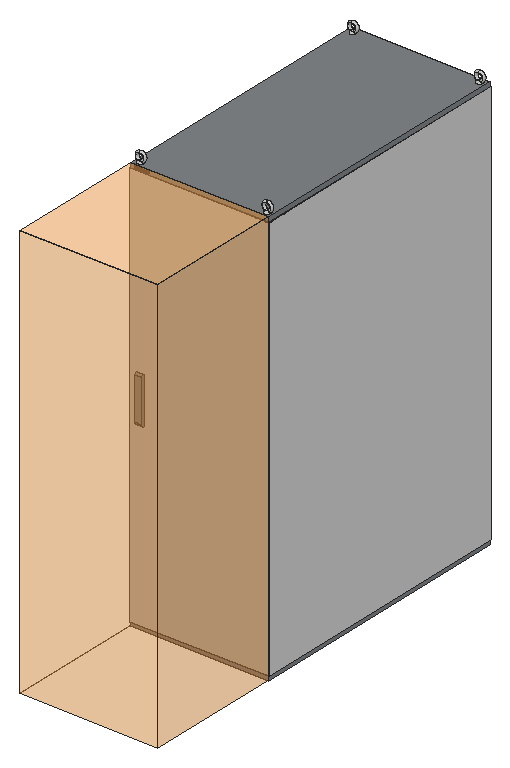
Revit family "НВО_ШкафНапольный_DKC", category Электрооборудование, Revit 2017
Family settings
  Конфигурация панели = Два столбца, слева направо
  Размер круглого соединителя = Использовать диаметр
  Тип детали = Щит
  Номер OmniClass = 23.80.30.11.17
  Заголовок OmniClass = Distribution Boards and Control Panels
  На основе рабочей плоскости = Нет
  Всегда вертикально = Да
  При загрузке вырезать с полостями = Нет
  Общий = Нет
  Точка расчета площади = Нет
Parameters (values of type "1200х600х1800 (ГхШхВ) мм")
  Описание = "Сборный шкаф CQE с дверью и задней панелью"  # constant formula
  Комментарии к типоразмеру = "1. Шкаф"  # constant formula
  Код по классификатору = "23.80.30.11.17"
  Изображение типоразмера = НВО_ШкафНапольный_DKC.png
  Изготовитель = "DKC"  # constant formula
  ETIM Article Class = "EC000261"  # constant formula
  DKC_Монтажная плата [instance] = yes
  DKC_Материал_Цоколь_фланцы = BIMLIB_СерыйRAL7011_DKC
  DKC_Материал_Цоколь_угловой элемент = BIMLIB_СерыйRAL7011_DKC
  DKC_Материал_Стойки = BIMLIB_СерыйRAL7035_DKC
  DKC_Материал_Рым-болты = BIMLIB_СерыйRAL7035_DKC
  DKC_Материал_Ручка = BIMLIB_СерыйRAL7011_DKC
  DKC_Материал_Лого = BIMLIB_СерыйRAL7035_DKC
  DKC_Материал_Крышка = BIMLIB_СерыйRAL7011_DKC
  DKC_Материал_Корпус = BIMLIB_СерыйRAL7035_DKC
  DKC_Материал_Монтажная плата = BIMLIB_СерыйRAL7035_DKC
  DKC_Материал_Дно = BIMLIB_СерыйRAL7011_DKC
  DKC_Материал_Боковые панели = BIMLIB_СерыйRAL7035_DKC
  DKC_Код комплектации [instance] = if(DKC_Боковые панели, 1, 0) * 100000000000 + if(DKC_Монтажная плата, 1, 0) * 10000000000 + if([DKC_Рым-болт], 1, 0) * 1000000000 + if(DKC_Цоколь = DKC_Цоколь100, 1, if(DKC_Цоколь = DKC_Цоколь200, 2, 0)) * 100000000 + if(DKC_Внешняя точка заземления, 1, 0) * 10000000 + if(DKC_Карман для документов, 1, 0) * 1000000 + if(DKC_Концевой выключатель, 1, 0) * 100000 + if(DKC_Ограничитель угла открывания двери до 90°, 1, 0) * 10000 + if(DKC_Петли на 180°, 1, 0) * 1000 + if(DKC_Сплошное дно, 1, 0) * 100 + if(DKC_Улучшенная ручка, 1, 0) * 10 + if(DKC_Уплотнитель для кабельного ввода, 1, 0)  # 111011111111
  DKC_Зона обслуживания [instance] = yes
  DKC_Цоколь200 = ⇾ : 200 мм
  DKC_Цоколь100 = ⇾ : 100 мм
  DKC_Цоколь [instance] = ⇾ : Нет цоколя
  DKC_Уплотнитель для кабельного ввода [instance] = yes
  DKC_Улучшенная ручка [instance] = yes
  DKC_Сплошное дно [instance] = yes
  DKC_Рым-болт [instance] = yes
  DKC_Петли на 180° [instance] = yes
  DKC_Ограничитель угла открывания двери до 90° [instance] = yes
  DKC_Концевой выключатель [instance] = yes
  DKC_Карман для документов [instance] = yes
  DKC_Внешняя точка заземления [instance] = yes
  DKC_Видимость двери [instance] = yes
  DKC_Боковые панели [instance] = yes
  DKC_Глубина сервисной зоны = ADSK_Размер_Ширина  # 600 mm
  DKC_Высота цоколя [instance] = if(DKC_Цоколь = DKC_Цоколь100, 100 mm, if(DKC_Цоколь = DKC_Цоколь200, 200 mm, 0 mm))  # 0 mm
  URL = "https://www.dkc.ru/ru/"
  IfcExportType = "DISTRIBUTIONBOARD"  # constant formula
  IfcExportAs = "IfcElectricDistributionBoard"  # constant formula
  DKC_Цвет (корпус) = "RAL 7035"  # constant formula
  DKC_Цвет (дно/крышка) = "RAL 7011"  # constant formula
  DKC_Несущая способность = "1000 кг"  # constant formula
  DKC_Максимальный ток = 6300 A  # constant formula
  DKC_Киматическое исполнение = "УХЛ1"  # constant formula
  DKC_IK = "10"  # constant formula
  BL_Разработано = "support@bimlib.ru"  # constant formula
  BL_Email = "support@dkc.ru"
  BL_BIM library = "https://bimlib.ru/manufacturer/company/14890"
  ADSK_Размер_Ширина = 600 mm
  ADSK_Размер_Глубина = 1200 mm
  ADSK_Размер_Высота = 1800 mm
  ADSK_Обозначение = "ГОСТ Р 32127"  # constant formula
  ADSK_Напряжение = 1000 V  # constant formula
  ADSK_Наименование = "Сборный шкаф CQE с дверью и задней панелью 1200х600х1800мм (ГхШхВ)"
  ADSK_Масса = 76.5
  ADSK_Код изделия = "R5CQE18612"
  ADSK_Завод-изготовитель = "DKC"  # constant formula
  ADSK_Единица измерения = "шт."  # constant formula
  ADSK_Группирование = ADSK_Наименование  # "Сборный шкаф CQE с дверью и задней панелью 1200х600х1800мм (ГхШхВ)"
  ADSK_Версия семейства = "1.0"  # constant formula
  ADSK_Версия Revit = "2017"  # constant formula
  ADSK_URL страницы изделия = "https://www.dkc.ru/ru/catalog/163/"
  ADSK_URL документации изделия = "https://www.dkc.ru/ru/catalog/163/"
Reference planes
  plane 1 "По центру (Вперед/Назад)": y = 0
  plane 2: z = 0
  plane 3 "По центру (Влево/Вправо)": x = 0
  plane 4: y = -1200
  plane 5: x = -300
  plane 6: x = 300
  plane 7 "Верх": z = 1800
  plane 8: z = 0
  plane 9: y = -1800
  plane 10: y = -1100
Forms (mm)
  Extrusion 1, solid, material "BIMLIB_СерыйRAL7035_DKC" <- "DKC_Материал_Корпус", detail levels coarse
    sketch origin (0, 0, 0) x (1, 0, 0) y (0, 1, 0)
      loop
        line (300, 0) -> (-300, 0) -> (-300, -1200) -> (300, -1200) -> (300, 0)
    from 0 to 1800
  Extrusion 2, solid, material "BIMLIB_Зона обслуживания_DKC", visible <- "DKC_Зона обслуживания"
    sketch origin (475.654, -793.939, 0) x (1, 0, 0) y (0, 1, 0)
      loop
        line (-775.654, -1006.061) -> (-175.654, -1006.061) -> (-175.654, -406.061) -> (-775.654, -406.061) -> (-775.654, -1006.061)
    from 0 to 1800
Lines and regions (mm)
  symbolic lines, detail levels coarse
    curve 1: line (300, 0, 0) -> (-300, 0, 0)
    curve 2: line (-300, 0, 0) -> (-300, -1200, 0)
    curve 3: line (300, -1200, 0) -> (-300, -1200, 0)
    curve 4: line (-300, -1100, 0) -> (300, -1100, 0)
    curve 5: line (300, -1200, 0) -> (300, 0, 0)
Dimensions and locks
  "ADSK_Размер_Глубина": plane 4 to plane 1 "По центру (Вперед/Назад)"
  equal spacing: plane 5, plane 3 "По центру (Влево/Вправо)", plane 6
  "ADSK_Размер_Ширина": plane 5 to plane 6
  "ADSK_Размер_Высота": plane 7 "Верх" to plane 8
  "DKC_Высота цоколя": plane 8 to level
  "DKC_Глубина сервисной зоны": plane 4 to plane 9
  locked: plane 10 to plane 4 at 100
  aligned and locked: level to plane 2
  aligned and locked: Extrusion 1 sketch curve to plane 1 "По центру (Вперед/Назад)"
  aligned and locked: Extrusion 1 sketch curve to plane 5
  aligned and locked: Extrusion 1 sketch curve to plane 4
  aligned and locked: Extrusion 1 sketch curve to plane 6
  aligned and locked: plane 7 "Верх" to Extrusion 1
  aligned and locked: plane 3 "По центру (Влево/Вправо)" to nested 10
  aligned and locked: plane 8 to nested 10
  aligned and locked: plane 1 "По центру (Вперед/Назад)" to nested 11
  aligned and locked: nested 11 to plane 5
  aligned and locked: nested 11 to plane 6
  aligned and locked: nested 11 to plane 4
  aligned and locked: plane 4 to Extrusion 2
  aligned and locked: plane 5 to Extrusion 2
  aligned and locked: Extrusion 2 to plane 6
  aligned and locked: Extrusion 2 to plane 9
  aligned and locked: plane 7 "Верх" to Extrusion 2
  aligned and locked: plane 3 "По центру (Влево/Вправо)" to nested 12
  aligned and locked: plane 1 "По центру (Вперед/Назад)" to nested 12
  aligned and locked: plane 1 "По центру (Вперед/Назад)" to nested 10
  aligned and locked: plane 1 "По центру (Вперед/Назад)" to nested 13
  aligned and locked: plane 3 "По центру (Влево/Вправо)" to nested 13
  aligned and locked: nested 13 to plane 8
  aligned and locked: curve 1 to plane 1 "По центру (Вперед/Назад)"
  aligned and locked: curve 2 to plane 5
  aligned and locked: curve 3 to Extrusion 2
  aligned and locked: curve 4 to plane 10
  aligned and locked: curve 5 to plane 6
  aligned and locked: nested 12 to plane 8
Automatic sketch dimensions
  Extrusion 2 sketch curve to plane 3 "По центру (Влево/Вправо)" = 300 mm
  Extrusion 2 sketch curve to plane 6 = 0 mm
  Extrusion 2 sketch curve to plane 4 = 600 mm
  Extrusion 2 sketch curve to plane 4 = 0 mm
  curve 3 to plane 4 = 0 mm
Nested families
  nested 1: "DKC_Сплошное дно" at (0, 0, 0), visible <- "DKC_Сплошное дно", ADSK_Размер_Глубина <- "ADSK_Размер_Глубина", ADSK_Размер_Ширина <- "ADSK_Размер_Ширина", ADSK_Группирование <- "ADSK_Группирование", DKC_Код комплектации <- "DKC_Код комплектации", type "DKC_Сплошное дно"
    with DKC_Код комплектации 111011111111, ADSK_Размер_Ширина 600 mm, ADSK_Размер_Глубина 1200 mm, ADSK_Наименование "Элемент повышения IP 55/65 (Сплошное дно)", ADSK_Масса 0, ADSK_Код изделия "Такого артикула нет", ADSK_Группирование "Сборный шкаф CQE с дверью и задней панелью 1200х600х1800мм (ГхШхВ)"
  nested 2: "DKC_Ограничитель угла открывания двери до 90" at (0, 0, 0), visible <- "DKC_Ограничитель угла открывания двери до 90°", ADSK_Группирование <- "ADSK_Группирование", DKC_Код комплектации <- "DKC_Код комплектации", type "DKC_Ограничитель угла открывания двери"
    with DKC_Код комплектации 111011111111, ADSK_Код изделия "R5A31", ADSK_Группирование "Сборный шкаф CQE с дверью и задней панелью 1200х600х1800мм (ГхШхВ)"
  nested 3: "DKC_Петли на 180" at (0, 0, 0), visible <- "DKC_Петли на 180°", ADSK_Группирование <- "ADSK_Группирование", DKC_Код комплектации <- "DKC_Код комплектации", type "DKC_Петли на 180"
    with DKC_Код комплектации 111011111111, ADSK_Код изделия "R5CE248", ADSK_Группирование "Сборный шкаф CQE с дверью и задней панелью 1200х600х1800мм (ГхШхВ)"
  nested 4: "DKC_Улучшенная ручка" at (0, 0, 0), visible <- "DKC_Улучшенная ручка", ADSK_Группирование <- "ADSK_Группирование", DKC_Код комплектации <- "DKC_Код комплектации", type "DKC_Улучшенная ручка"
    with DKC_Код комплектации 111011111111, ADSK_Код изделия "R5CE270", ADSK_Группирование "Сборный шкаф CQE с дверью и задней панелью 1200х600х1800мм (ГхШхВ)"
  nested 5: "DKC_Внешняя точка заземления" at (0, 0, 0), visible <- "DKC_Внешняя точка заземления", ADSK_Группирование <- "ADSK_Группирование", DKC_Код комплектации <- "DKC_Код комплектации", type "DKC_Внешняя точка заземления"
    with DKC_Код комплектации 111011111111, ADSK_Код изделия "R5EP01", ADSK_Группирование "Сборный шкаф CQE с дверью и задней панелью 1200х600х1800мм (ГхШхВ)"
  nested 6: "DKC_Уплотнитель для кабельного ввода" at (0, 0, 0), ADSK_Размер_Ширина <- "ADSK_Размер_Ширина", visible <- "DKC_Уплотнитель для кабельного ввода", ADSK_Группирование <- "ADSK_Группирование", DKC_Код комплектации <- "DKC_Код комплектации", type "DKC_Уплотнитель для кабельного ввода"
    with DKC_Код комплектации 111011111111, ADSK_Размер_Ширина 600 mm, ADSK_Масса 0.032, ADSK_Код изделия "R5FPC600", ADSK_Группирование "Сборный шкаф CQE с дверью и задней панелью 1200х600х1800мм (ГхШхВ)"
  nested 7: "DKC_Карман для документов" at (0, 0, 0), visible <- "DKC_Карман для документов", ADSK_Группирование <- "ADSK_Группирование", DKC_Код комплектации <- "DKC_Код комплектации", type "DKC_Карман для документов"
    with DKC_Код комплектации 111011111111, ADSK_Код изделия "R5A32", ADSK_Группирование "Сборный шкаф CQE с дверью и задней панелью 1200х600х1800мм (ГхШхВ)"
  nested 8: "DKC_Рым-болт" at (0, 0, 1800), visible <- "DKC_Рым-болт", ADSK_Группирование <- "ADSK_Группирование", Глубина <- "ADSK_Размер_Глубина", Ширина <- "ADSK_Размер_Ширина", Материал <- "DKC_Материал_Рым-болты", DKC_Код комплектации <- "DKC_Код комплектации", type "DKC_Рым-болт", detail levels fine
    with Ширина 600 mm, Материал BIMLIB_СерыйRAL7035_DKC, Глубина 1200 mm, DKC_Код комплектации 111011111111, ADSK_Примечание "Комплект поставки из 4 штук", ADSK_Код изделия "R5A33", ADSK_Группирование "Сборный шкаф CQE с дверью и задней панелью 1200х600х1800мм (ГхШхВ)"
  nested 9: "DKC_Концевой выключатель" at (0, 0, 0), visible <- "DKC_Концевой выключатель", ADSK_Группирование <- "ADSK_Группирование", DKC_Код комплектации <- "DKC_Код комплектации", type "DKC_Концевой выключатель"
    with DKC_Код комплектации 111011111111, ADSK_Код изделия "R5MC01", ADSK_Группирование "Сборный шкаф CQE с дверью и задней панелью 1200х600х1800мм (ГхШхВ)"
  nested 10: "DKC_Комплект шкафа" at (0, 0, 0), Высота шкафа <- "ADSK_Размер_Высота", Глубина шкафа <- "ADSK_Размер_Глубина", Ширина шкафа <- "ADSK_Размер_Ширина", Видимость двери <- "DKC_Видимость двери", Материал_корпус дна <- "DKC_Материал_Дно", Материал_панели <- "DKC_Материал_Корпус", Материал_ручка <- "DKC_Материал_Ручка", Материал_стойки <- "DKC_Материал_Стойки", Материал_дно <- "DKC_Материал_Дно", Материал_крышка <- "DKC_Материал_Крышка", Материал_лого <- "DKC_Материал_Лого", type "DKC_Комплект шкафа", detail levels medium+fine
    with Ширина шкафа 600 mm, Материал_стойки BIMLIB_СерыйRAL7035_DKC, Материал_ручка BIMLIB_СерыйRAL7011_DKC, Материал_панели BIMLIB_СерыйRAL7035_DKC, Материал_лого BIMLIB_СерыйRAL7035_DKC, Материал_крышка BIMLIB_СерыйRAL7011_DKC, Материал_корпус дна BIMLIB_СерыйRAL7011_DKC, Материал_дно BIMLIB_СерыйRAL7011_DKC, Глубина шкафа 1200 mm, Высота шкафа 1800 mm, Высота стоек 1660 mm, Видимость двери yes
  nested 11: "⇾" at (0, 0, 0), type <- "DKC_Цоколь", Материал_угловой элемент <- "DKC_Материал_Цоколь_угловой элемент", Материал_фланцы <- "DKC_Материал_Цоколь_фланцы", DKC_Код комплектации <- "DKC_Код комплектации", ADSK_Группирование <- "ADSK_Группирование", type "Нет цоколя", detail levels medium+fine
    with Ширина шкафа 600 mm, Материал_фланцы BIMLIB_СерыйRAL7011_DKC, Материал_угловой элемент BIMLIB_СерыйRAL7011_DKC, Глубина шкафа 1200 mm, DKC_Код комплектации 111011111111, ADSK_Группирование "Сборный шкаф CQE с дверью и задней панелью 1200х600х1800мм (ГхШхВ)"
  nested 12: "DKC_Боковые панели" at (0, 0, 0), visible <- "DKC_Боковые панели", ADSK_Размер_Высота <- "ADSK_Размер_Высота", ADSK_Размер_Глубина <- "ADSK_Размер_Глубина", ADSK_Размер_Ширина <- "ADSK_Размер_Ширина", Материал <- "DKC_Материал_Боковые панели", ADSK_Группирование <- "ADSK_Группирование", DKC_Код комплектации <- "DKC_Код комплектации", type "DKC_Боковые панели", detail levels medium+fine
    with Материал BIMLIB_СерыйRAL7035_DKC, DKC_Код комплектации 111011111111, ADSK_Размер_Ширина 600 mm, ADSK_Размер_Глубина 1200 mm, ADSK_Размер_Высота 1800 mm, ADSK_Наименование "Боковые панели 1200х1800мм (ГхВ)", ADSK_Масса 49, ADSK_Код изделия "R5LE18122", ADSK_Группирование "Сборный шкаф CQE с дверью и задней панелью 1200х600х1800мм (ГхШхВ)"
  nested 13: "DKC_Монтажная плата" at (0, 0, 0), ADSK_Размер_Высота <- "ADSK_Размер_Высота", ADSK_Размер_Глубина <- "ADSK_Размер_Глубина", ADSK_Размер_Ширина <- "ADSK_Размер_Ширина", visible <- "DKC_Монтажная плата", Материал <- "DKC_Материал_Монтажная плата", ADSK_Группирование <- "ADSK_Группирование", DKC_Код комплектации <- "DKC_Код комплектации", type "DKC_Монтажная плата", detail levels medium+fine
    with Материал BIMLIB_СерыйRAL7035_DKC, DKC_Код комплектации 111011111111, ADSK_Размер_Ширина 600 mm, ADSK_Размер_Глубина 1200 mm, ADSK_Размер_Высота 1800 mm, ADSK_Наименование "Монтажная плата 600х1800мм (ШхВ)", ADSK_Масса 18, ADSK_Код изделия "R5PCE1860", ADSK_Группирование "Сборный шкаф CQE с дверью и задней панелью 1200х600х1800мм (ГхШхВ)"
Definition of nested family "DKC_Рым-болт"
  Parameters (values of type "DKC_Рым-болт")
    Ширина [instance] = 1280 mm
    Default Elevation = 1219.2 mm
    Description = "Рым-болт"  # constant formula
    Материал [instance] = none
    Type Comments = "2. Комплектующие"  # constant formula
    Manufacturer = "DKC"  # constant formula
    Глубина [instance] = 562.597 mm
    URL = "https://www.dkc.ru/ru/"
    IfcExportType = "DISTRIBUTIONBOARD"  # constant formula
    IfcExportAs = "IfcElectricDistributionBoard"  # constant formula
    DKC_Код комплектации [instance] = 0
    BL_Разработано = "support@bimlib.ru"  # constant formula
    BL_Email = ""
    BL_BIM library = "https://bimlib.ru/manufacturer/company/14890"
    ADSK_Примечание [instance] = "Комплект поставки из 4 штук"
    ADSK_Обозначение = "ГОСТ Р 32127"  # constant formula
    ADSK_Наименование = "Комплект рым-болтов"  # constant formula
    ADSK_Масса = 0.72  # constant formula
    ADSK_Код изделия [instance] = "R5A33"  # constant formula
    ADSK_Завод-изготовитель = "DKC"  # constant formula
    ADSK_Единица измерения = "шт."  # constant formula
    ADSK_Группирование [instance] = "Электрические шкафы"
    ADSK_Версия семейства = "1.0"  # constant formula
    ADSK_Версия Revit = "2017"  # constant formula
    ADSK_URL страницы изделия = ""
    ADSK_URL документации изделия = ""
  Reference planes
    plane 1 "По центру (Вперед/Назад)": y = 0
    plane 2: z = 0
    plane 3 "По центру (Влево/Вправо)": x = 0
    plane 4: x = -640
    plane 5: y = -562.597
    plane 6: x = 640
    plane 7: x = 615
    plane 8: y = -537.597
    plane 9: y = -25
    plane 10: x = -615
  Dimensions and locks
    equal spacing: plane 4, plane 3 "По центру (Влево/Вправо)", plane 6
    "Глубина": plane 5 to plane 1 "По центру (Вперед/Назад)"
    "Ширина": plane 4 to plane 6
    locked: plane 1 "По центру (Вперед/Назад)" to plane 9 at 25
    locked: plane 4 to plane 10 at 25
    locked: plane 8 to plane 5 at 25
    locked: plane 7 to plane 6 at 25
    aligned and locked: level to plane 2
    aligned and locked: nested 1 to plane 7
    aligned and locked: nested 1 to plane 9
    aligned and locked: plane 10 to nested 4
    aligned and locked: plane 10 to nested 3
    aligned and locked: nested 4 to plane 9
    aligned and locked: nested 3 to plane 8
    aligned and locked: nested 2 to plane 7
    aligned and locked: nested 2 to plane 8
  Nested families
    nested 1: "DKC_Рым-болт графика" at (615, -25, 0), Материал <- "Материал", type "DKC_Рым-болт графика"
    nested 2: "DKC_Рым-болт графика" at (615, -537.597, 0), Материал <- "Материал", type "DKC_Рым-болт графика"
    nested 3: "DKC_Рым-болт графика" at (-615, -537.597, 0), Материал <- "Материал", type "DKC_Рым-болт графика"
    nested 4: "DKC_Рым-болт графика" at (-615, -25, 0), Материал <- "Материал", type "DKC_Рым-болт графика"
  Definition of nested family "DKC_Рым-болт графика"
    Parameters (values of type "DKC_Рым-болт графика")
      Default Elevation = 1219.2 mm
      Материал [instance] = none
    Reference planes
      plane 1 "По центру (Вперед/Назад)": y = 0
      plane 2: z = 0
      plane 3 "По центру (Влево/Вправо)": x = 0
      plane 4: z = 45
      plane 5: z = 22.5
    Forms (mm)
      Revolve 1, solid, material <- "Материал"
        sketch origin (0, 0, 0) x (0, 1, 0) y (0, 0, 1)
          loop
            circle (0, 40) r 5
          axis (5, 22.5) -> (-5, 22.5)
        angle from 0 to 360
      Revolve 2, solid, material <- "Материал"
        sketch origin (0, 0, 0) x (1, 0, 0) y (0, 0, 1)
          loop
            line (0, 0) -> (12.5, 0) -> (8.859, 7.808) -> (2.984, 10.182) -> (0, 10.182) -> (0, 0)
          axis (0, 10.182) -> (0, 0)
        angle from 0 to 360
    Cuts and joins
      joined: Revolve 1, Revolve 2
    Dimensions and locks
      equal spacing: plane 4, plane 5, level
      aligned and locked: level to plane 2
    Automatic sketch dimensions
      Revolve 1 sketch curve to plane 5 = 0 mm
      Revolve 1 sketch curve to plane 1 "По центру (Вперед/Назад)" = 0 mm
      Revolve 1 sketch curve to plane 4 = 5 mm
      plane 1 "По центру (Вперед/Назад)" to Revolve 1 sketch curve = 45 mm
      Revolve 1 sketch curve to plane 1 "По центру (Вперед/Назад)" = 40 mm
      Revolve 2 sketch curve to plane 3 "По центру (Влево/Вправо)" = 0 mm  (x2)
      Revolve 2 sketch curve to level = 0 mm
      plane 3 "По центру (Влево/Вправо)" to Revolve 2 sketch curve = 8.859 mm
      Revolve 2 sketch curve to Revolve 2 sketch curve = 3.641 mm
      level to Revolve 2 sketch curve = 7.808 mm
      Revolve 2 sketch curve to Revolve 2 sketch curve = 2.984 mm
      Revolve 2 sketch curve to level = 16.094 mm
      Revolve 2 sketch curve to Revolve 2 sketch curve = 2.374 mm
      plane 5 to Revolve 2 sketch curve = 3.025 mm
      radius of Revolve 1 sketch curve = 5 mm
Definition of nested family "DKC_Комплект шкафа"
  Parameters (values of type "DKC_Комплект шкафа")
    Ширина шкафа [instance] = 1000 mm
    Материал_стойки [instance] = none
    Материал_ручка [instance] = none
    Материал_панели [instance] = none
    Материал_лого [instance] = none
    Материал_крышка [instance] = none
    Материал_корпус дна [instance] = none
    Материал_дно [instance] = none
    Глубина шкафа [instance] = 400 mm
    Высота шкафа [instance] = 1800 mm
    Высота стоек [instance] = Высота шкафа - 140 mm  # 1660 mm
    Видимость двери [instance] = yes
  Reference planes
    plane 1 "По центру (Вперед/Назад)": y = 0
    plane 2: z = 0
    plane 3 "По центру (Влево/Вправо)": x = 0
    plane 4: x = -500
    plane 5: x = 500
    plane 6 "шкаф перед": y = -400
    plane 7: z = 70
    plane 8: z = 1730
    plane 9: z = 1800
    plane 10 "Верхний": z = 1780
    plane 11: y = 2
    plane 12 "Дверь": y = -402
    plane 13: z = 900
    plane 14: x = -470
    plane 15: z = 1000
    plane 16: z = 800
    plane 17: y = -412
    plane 18: x = -440
    plane 19: z = 1790
    plane 20: x = -450
    plane 21: z = 20
  Forms (mm)
    Extrusion 1, solid, material <- "Материал_дно"
      sketch origin (0, 0, 0) x (1, 0, 0) y (0, 1, 0)
        loop
          line (-500, 0) -> (-500, -400) -> (500, -400) -> (500, 0) -> (-500, 0)
      from 0 to 20
    Sweep 2, solid, material <- "Материал_корпус дна"
      path origin (0, 0, 0) x (1, 0, 0) y (0, 1, 0)
        loop
          line (500, 0) -> (-500, 0) -> (-500, -400) -> (500, -400) -> (500, 0)
      profile origin (0, 0, 0) x (0, -1, 0) y (0, 0, 1)
        loop
          line (2, 20) -> (52, 20) -> (52, 25) -> (32, 25) -> (32, 50) -> (7, 50) -> (7, 70) -> (2, 70) -> (2, 20)
    Extrusion 3, solid, material <- "Материал_крышка"
      sketch origin (0, 0, 0) x (1, 0, 0) y (0, 1, 0)
        loop
          line (-500, 0) -> (-500, -400) -> (500, -400) -> (500, 0) -> (-500, 0)
      from 1780 to 1800
    Sweep 4, solid, material <- "Материал_корпус дна"
      path origin (0, 0, 1780) x (-1, 0, 0) y (0, -1, 0)
        loop
          line (500, 0) -> (500, 400) -> (-500, 400) -> (-500, 0) -> (500, 0)
      profile origin (-500, -200, 1780) x (1, 0, 0) y (0, 0, 1)
        loop
          line (2, 0) -> (2, -50) -> (7, -50) -> (7, -25) -> (27, -25) -> (27, -5) -> (52, -5) -> (52, 0) -> (2, 0)
    Extrusion 5, solid, material <- "Материал_панели"
      sketch origin (0, 0, 0) x (1, 0, 0) y (0, 0, 1)
        loop
          line (-500, 1780) -> (-500, 20) -> (500, 20) -> (500, 1780) -> (-500, 1780)
      from -2 to 0
    Extrusion 6, solid, material <- "Материал_панели", visible <- "Видимость двери"
      sketch origin (0, 0, 0) x (1, 0, 0) y (0, 0, 1)
        loop
          line (-500, 1780) -> (-500, 20) -> (500, 20) -> (500, 1780) -> (-500, 1780)
      from 400 to 402
    Extrusion 7, solid, material <- "Материал_ручка", visible <- "Видимость двери", detail levels fine
      sketch origin (0, 0, 0) x (0, 1, 0) y (0, 0, 1)
        loop
          arc (-404, 1000) -> (-409.657, 997.657) -> (-412, 992) r 8
          line (-412, 992) -> (-412, 808)
          arc (-412, 808) -> (-409.657, 802.343) -> (-404, 800) r 8
          line (-404, 800) -> (-402, 800) -> (-402, 1000) -> (-404, 1000)
      from -470 to -440
  Dimensions and locks
    equal spacing: plane 4, plane 3 "По центру (Влево/Вправо)", plane 5
    "Глубина шкафа": plane 6 "шкаф перед" to plane 1 "По центру (Вперед/Назад)"
    "Ширина шкафа": plane 4 to plane 5
    locked: plane 7 to level at 70
    locked: plane 9 to plane 8 at 70
    "Высота шкафа": plane 9 to level
    locked: plane 9 to plane 10 "Верхний" at 20
    locked: plane 11 to plane 1 "По центру (Вперед/Назад)" at 2
    locked: plane 6 "шкаф перед" to plane 12 "Дверь" at 2
    equal spacing: plane 9, plane 13, level
    plane 15 to plane 13 to plane 16 = 100 mm locked, 100 mm locked
    plane 17 to plane 12 "Дверь" = 10 mm
    locked: plane 14 to plane 18 at 30
    equal spacing: plane 9, plane 19, plane 10 "Верхний"
    locked: plane 20 to plane 4 at 50
    locked: plane 21 to level at 20
    locked: plane 14 to plane 4 at 30
    locked: profile plane to Sweep 4 sketch curve at 2
    nested 2 to profile plane = 4 mm
    locked: plane 4 to nested 1 at 2
    locked: nested 1 to plane 1 "По центру (Вперед/Назад)" at 2
    locked: nested 3 to plane 6 "шкаф перед" at 2
    locked: plane 4 to nested 3 at 2
    locked: nested 4 to plane 5 at 2
    locked: nested 4 to plane 6 "шкаф перед" at 2
    locked: nested 2 to plane 1 "По центру (Вперед/Назад)" at 2
    locked: nested 2 to plane 5 at 2
    aligned and locked: level to plane 2
    aligned and locked: nested 3 to plane 7
    aligned and locked: nested 1 to plane 7
    aligned and locked: nested 4 to plane 7
    aligned and locked: nested 2 to plane 7
    aligned and locked: plane 4 to Extrusion 1 sketch curve
    aligned and locked: plane 1 "По центру (Вперед/Назад)" to Extrusion 1 sketch curve
    aligned and locked: plane 5 to Extrusion 1 sketch curve
    aligned and locked: plane 6 "шкаф перед" to Extrusion 1 sketch curve
    aligned and locked: Sweep 2 sketch curve to plane 1 "По центру (Вперед/Назад)"
    aligned and locked: Sweep 2 sketch curve to plane 6 "шкаф перед"
    aligned and locked: Sweep 2 sketch curve to plane 5
    aligned and locked: Sweep 2 sketch curve to plane 4
    aligned and locked: plane 5 to Extrusion 3 sketch curve
    aligned and locked: plane 4 to Extrusion 3 sketch curve
    aligned and locked: plane 1 "По центру (Вперед/Назад)" to Extrusion 3 sketch curve
    aligned and locked: plane 6 "шкаф перед" to Extrusion 3 sketch curve
    aligned and locked: plane 9 to Extrusion 3
    aligned and locked: Extrusion 3 to plane 10 "Верхний"
    aligned and locked: Sweep 4 sketch curve to plane 4
    aligned and locked: Sweep 4 sketch curve to plane 5
    aligned and locked: Sweep 4 sketch curve to plane 1 "По центру (Вперед/Назад)"
    aligned and locked: Sweep 4 sketch curve to plane 6 "шкаф перед"
    aligned and locked: Extrusion 5 sketch curve to plane 5
    aligned and locked: Extrusion 5 sketch curve to plane 4
    aligned and locked: plane 1 "По центру (Вперед/Назад)" to Extrusion 5
    aligned and locked: plane 11 to Extrusion 5
    aligned and locked: Extrusion 6 sketch curve to plane 5
    aligned and locked: Extrusion 6 sketch curve to plane 4
    aligned and locked: plane 6 "шкаф перед" to Extrusion 6
    aligned and locked: Extrusion 6 to plane 12 "Дверь"
    aligned and locked: Extrusion 7 sketch curve to plane 15
    aligned and locked: Extrusion 7 sketch curve to plane 17
    aligned and locked: Extrusion 7 sketch curve to plane 12 "Дверь"
    aligned and locked: Extrusion 7 sketch curve to plane 16
    aligned and locked: Extrusion 7 to plane 18
    aligned and locked: plane 14 to Extrusion 7
    aligned and locked: nested 5 to plane 19
    aligned and locked: plane 20 to nested 5
    aligned and locked: Extrusion 6 sketch curve to plane 10 "Верхний"
    aligned and locked: Extrusion 6 sketch curve to plane 21
    aligned and locked: plane 10 "Верхний" to Extrusion 5 sketch curve
    aligned and locked: plane 21 to Extrusion 5 sketch curve
  Automatic sketch dimensions
    Sweep 2 sketch curve to profile plane = 2 mm
    Sweep 2 sketch curve to Sweep 2 sketch curve = 5 mm  (x2)
    Sweep 2 sketch curve to profile plane = 32 mm
    Sweep 2 sketch curve to Sweep 2 sketch curve = 20 mm  (x2)
    level to Sweep 2 sketch curve = 20 mm
    Sweep 2 sketch curve to Sweep 2 sketch curve = 25 mm
    Sweep 4 sketch curve to plane 10 "Верхний" = 0 mm
    Sweep 4 sketch curve to profile plane = 7 mm
    Sweep 4 sketch curve to Sweep 4 sketch curve = 20 mm  (x2)
    Sweep 4 sketch curve to Sweep 4 sketch curve = 25 mm  (x2)
    Sweep 4 sketch curve to plane 10 "Верхний" = 5 mm
    Extrusion 7 sketch curve to plane 12 "Дверь" = 2 mm  (x2)
  Nested families
    nested 1: "DKC_Стойка" at (-460.5, -2, 70), Высота стойки <- "Высота стоек", Материал <- "Материал_стойки", type "DKC_Стойка"
      with Высота стойки 1660 mm
    nested 2: "DKC_Стойка" at (460.5, -2, 70), Высота стойки <- "Высота стоек", Материал <- "Материал_стойки", type "DKC_Стойка"
      with Высота стойки 1660 mm
    nested 3: "DKC_Стойка" at (-460.5, -398, 70) x (-1, 0, 0) z (0, 0, 1), Высота стойки <- "Высота стоек", Материал <- "Материал_стойки", type "DKC_Стойка"
      with Высота стойки 1660 mm
    nested 4: "DKC_Стойка" at (460.5, -398, 70) x (-1, 0, 0) z (0, 0, 1), Высота стойки <- "Высота стоек", Материал <- "Материал_стойки", type "DKC_Стойка"
      with Высота стойки 1660 mm
    nested 5: "DKC_Лого" at (-450, -400, 1790) x (1, 0, 0) z (0, -1, 0), Материал_лого <- "Материал_лого", type "DKC_Лого", detail levels medium+fine
      with Материал_лого none
  Definition of nested family "DKC_Стойка"
    Parameters (values of type "DKC_Стойка")
      Материал [instance] = none
      Высота стойки [instance] = 600 mm
    Reference planes
      plane 1 "По центру (Вперед/Назад)": y = 0
      plane 2: z = 0
      plane 3 "По центру (Влево/Вправо)": x = 0
      plane 4: x = -37.5
      plane 5: x = 37.5
      plane 6: y = -25
    Forms (mm)
      Extrusion 1, solid, material <- "Материал"
        sketch origin (0, 0, 0) x (1, 0, 0) y (0, 1, 0)
          loop
            line (37.5, 0) -> (-37.5, 0) -> (-37.5, -25) -> (-35.5, -25) -> (-35.5, -2) -> (35.5, -2) -> (35.5, -25) -> (37.5, -25) -> (37.5, 0)
        from 0 to 600 <- "Высота стойки"
    Dimensions and locks
      plane 6 to plane 1 "По центру (Вперед/Назад)" = 25 mm
      equal spacing: plane 4, plane 3 "По центру (Влево/Вправо)", plane 5
      plane 4 to plane 5 = 75 mm
      aligned and locked: level to plane 2
      aligned and locked: Extrusion 1 sketch curve to plane 1 "По центру (Вперед/Назад)"
      aligned and locked: Extrusion 1 sketch curve to plane 4
      aligned and locked: Extrusion 1 sketch curve to plane 5
      aligned and locked: Extrusion 1 sketch curve to plane 6  (x2)
    Automatic sketch dimensions
      Extrusion 1 sketch curve to plane 5 = 2 mm
      plane 1 "По центру (Вперед/Назад)" to Extrusion 1 sketch curve = 2 mm
      plane 4 to Extrusion 1 sketch curve = 2 mm
  Definition of nested family "DKC_Лого"
    Parameters (values of type "DKC_Лого")
      Default Elevation = 1219.2 mm
      Материал_лого [instance] = none
      Height = 0 mm
    Reference planes
      plane 1 "По центру (Вперед/Назад)": y = 0
      plane 2: z = 0
      plane 3 "По центру (Влево/Вправо)": x = 0
    Forms (mm)
      Extrusion 1, solid, material <- "Материал_лого"
        sketch origin (309.401, 206.448, 0) x (1, 0, 0) y (0, 1, 0)
          loop
            line (-319.837, -201.701) -> (-319.837, -211.196) -> (-312.161, -211.196)
            arc (-312.161, -211.196) -> (-310.386, -211.027) -> (-308.675, -210.525) r 9.385
            arc (-308.675, -210.525) -> (-306.575, -208.915) -> (-305.62, -206.448) r 4.896
            arc (-305.62, -206.448) -> (-306.575, -203.982) -> (-308.675, -202.372) r 4.896
            arc (-308.675, -202.372) -> (-310.386, -201.87) -> (-312.161, -201.701) r 9.385
            line (-312.161, -201.701) -> (-319.837, -201.701)
          loop
            line (-300.425, -201.701) -> (-303.786, -201.701) -> (-303.786, -211.196) -> (-300.392, -211.196) -> (-300.392, -207.208) -> (-295.845, -211.196) -> (-291.713, -211.196) -> (-297.574, -205.91) -> (-291.844, -201.701) -> (-294.402, -201.701) -> (-300.425, -206.161) -> (-300.425, -201.701)
          loop
            line (-316.267, -209.879) -> (-313.707, -209.879)
            arc (-313.707, -209.879) -> (-312.15, -209.72) -> (-310.657, -209.251) r 7.718
            arc (-310.657, -209.251) -> (-309.929, -208.694) -> (-309.552, -207.858) r 1.875
            arc (-309.552, -207.858) -> (-309.452, -207.156) -> (-309.401, -206.448) r 10.172
            arc (-309.401, -206.448) -> (-309.452, -205.741) -> (-309.552, -205.039) r 10.172
            arc (-309.552, -205.039) -> (-309.929, -204.203) -> (-310.657, -203.646) r 1.875
            arc (-310.657, -203.646) -> (-312.15, -203.176) -> (-313.707, -203.018) r 7.718
            line (-313.707, -203.018) -> (-316.267, -203.018) -> (-316.267, -209.879)
          loop
            line (-279.596, -204.284) -> (-278.936, -202.374)
            arc (-278.936, -202.374) -> (-282.663, -201.616) -> (-286.461, -201.829) r 14.863
            arc (-286.461, -201.829) -> (-288.322, -202.335) -> (-290.077, -203.137) r 11.861
            arc (-290.077, -203.137) -> (-291.072, -203.863) -> (-291.866, -204.806) r 5.124
            arc (-291.866, -204.806) -> (-292.22, -205.592) -> (-292.318, -206.448) r 2.792
            arc (-292.318, -206.448) -> (-291.711, -208.479) -> (-290.206, -209.972) r 4.294
            arc (-290.206, -209.972) -> (-284.953, -211.586) -> (-279.536, -210.658) r 11.856
            line (-279.536, -210.658) -> (-279.02, -209.172)
            arc (-279.02, -209.172) -> (-283.304, -210.374) -> (-287.486, -208.855) r 7.271
            arc (-287.486, -208.855) -> (-288.479, -207.358) -> (-288.362, -205.565) r 2.809
            arc (-288.362, -205.565) -> (-287.633, -204.408) -> (-286.557, -203.564) r 4.005
            arc (-286.557, -203.564) -> (-282.966, -202.853) -> (-279.596, -204.284) r 6.226
          loop
            line (-325.485, -203.326) -> (-325.485, -202.467)
            arc (-325.485, -202.467) -> (-325.711, -201.922) -> (-326.257, -201.696) r 0.771
            line (-326.257, -201.696) -> (-338.293, -201.696)
            arc (-338.293, -201.696) -> (-339.003, -201.99) -> (-339.297, -202.7) r 1.004
            line (-339.297, -202.7) -> (-339.297, -210.196)
            arc (-339.297, -210.196) -> (-339.004, -210.903) -> (-338.297, -211.196) r 1
            line (-338.297, -211.196) -> (-326.127, -211.196)
            arc (-326.127, -211.196) -> (-323.878, -210.655) -> (-322.121, -209.152) r 4.946
            line (-322.121, -209.152) -> (-322.121, -207.87)
            arc (-322.121, -207.87) -> (-327.151, -210.129) -> (-332.181, -207.87) r 6.729
            line (-332.181, -207.87) -> (-332.181, -208.924)
            arc (-332.181, -208.924) -> (-331.48, -210.017) -> (-330.253, -210.443) r 1.983
            line (-330.253, -210.443) -> (-336.106, -210.443) -> (-336.106, -202.449) -> (-326.677, -202.449) -> (-326.677, -203.326) -> (-325.485, -203.326)
          loop
            arc (-332.181, -207.275) -> (-327.151, -209.533) -> (-322.121, -207.275) r 6.731
            line (-322.121, -207.275) -> (-322.121, -206.487)
            arc (-322.121, -206.487) -> (-327.151, -208.553) -> (-332.181, -206.487) r 7.157
            line (-332.181, -206.487) -> (-332.181, -207.275)
          loop
            line (-331.233, -206.556) -> (-330.68, -207.11)
            arc (-330.68, -207.11) -> (-327.098, -206.006) -> (-323.516, -207.11) r 6.363
            line (-323.516, -207.11) -> (-322.862, -206.612)
            arc (-322.862, -206.612) -> (-327.036, -204.854) -> (-331.233, -206.556) r 5.927
          loop
            line (-330.314, -207.184) -> (-329.469, -207.534)
            arc (-329.469, -207.534) -> (-327.097, -207.113) -> (-324.726, -207.534) r 6.892
            line (-324.726, -207.534) -> (-323.898, -207.184)
            arc (-323.898, -207.184) -> (-327.106, -206.341) -> (-330.314, -207.184) r 6.53
          loop
            arc (-331.37, -206.417) -> (-327.035, -204.657) -> (-322.723, -206.474) r 6.123
            line (-322.723, -206.474) -> (-322.009, -205.76)
            arc (-322.009, -205.76) -> (-327.035, -203.648) -> (-332.084, -205.703) r 7.133
            line (-332.084, -205.703) -> (-331.37, -206.417)
        from 0 to 2
    Dimensions and locks
      aligned and locked: level to plane 2
Definition of nested family "DKC_Боковые панели"
  Parameters (values of type "DKC_Боковые панели")
    Description = "Боковые панели"  # constant formula
    Материал [instance] = none
    Type Comments = "2. Комплектующие"  # constant formula
    Manufacturer = "DKC"  # constant formula
    ДКС_Таблица артикулы = "ДКС_боковые панели"  # constant formula
    URL = "https://www.dkc.ru/ru/"
    IfcExportType = "DISTRIBUTIONBOARD"  # constant formula
    IfcExportAs = "IfcElectricDistributionBoard"  # constant formula
    DKC_Код комплектации [instance] = 0
    BL_Разработано = "support@bimlib.ru"  # constant formula
    BL_Email = ""
    BL_BIM library = "https://bimlib.ru/manufacturer/company/14890"
    ADSK_Размер_Ширина [instance] = 500 mm
    ADSK_Размер_Глубина [instance] = 500 mm
    ADSK_Размер_Высота [instance] = 2200 mm
    ADSK_Обозначение = "ГОСТ Р 32127"  # constant formula
    ADSK_Напряжение = 0 V
    ADSK_Наименование [instance] = size_lookup(ДКС_Таблица артикулы, "", "Такого артикула нет", 2 mm, ADSK_Размер_Глубина, ADSK_Размер_Высота)  # "Боковые панели 500х2200мм (ГхВ)"
    ADSK_Масса [instance] = size_lookup(ДКС_Таблица артикулы, "massa", 0, 1 mm, ADSK_Размер_Глубина, ADSK_Размер_Высота)  # 25
    ADSK_Код изделия [instance] = size_lookup(ДКС_Таблица артикулы, "", "Такого артикула нет", 1 mm, ADSK_Размер_Глубина, ADSK_Размер_Высота)  # "R5LE2252"
    ADSK_Завод-изготовитель = "DKC"  # constant formula
    ADSK_Единица измерения = "шт."  # constant formula
    ADSK_Группирование [instance] = "Электрические шкафы"
    ADSK_Версия семейства = "1.0"  # constant formula
    ADSK_Версия Revit = "2017"  # constant formula
    ADSK_URL страницы изделия = ""
    ADSK_URL документации изделия = ""
  Reference planes
    plane 1 "По центру (Вперед/Назад)": y = 0
    plane 2: z = 0
    plane 3 "По центру (Влево/Вправо)": x = 0
    plane 4: x = -250
    plane 5: y = -500
    plane 6: x = 250
    plane 7: x = -252
    plane 8: x = 252
    plane 9: z = 20
    plane 10: z = 2180
    plane 11: z = 2200
  Forms (mm)
    Extrusion 1, solid, material <- "Материал"
      sketch origin (0, 0, 0) x (1, 0, 0) y (0, 1, 0)
        loop
          line (-250, 0) -> (-252, 0) -> (-252, -500) -> (-250, -500) -> (-250, 0)
        loop
          line (252, 0) -> (250, 0) -> (250, -500) -> (252, -500) -> (252, 0)
      from 20 to 2180
  Dimensions and locks
    "ADSK_Размер_Глубина": plane 5 to plane 1 "По центру (Вперед/Назад)"
    equal spacing: plane 4, plane 3 "По центру (Влево/Вправо)", plane 6
    "ADSK_Размер_Ширина": plane 4 to plane 6
    locked: plane 7 to plane 4 at 2
    locked: plane 6 to plane 8 at 2
    locked: plane 9 to level at 20
    locked: plane 11 to plane 10 at 20
    "ADSK_Размер_Высота": plane 11 to level
    aligned and locked: level to plane 2
    aligned and locked: Extrusion 1 sketch curve to plane 1 "По центру (Вперед/Назад)"  (x2)
    aligned and locked: Extrusion 1 sketch curve to plane 7
    aligned and locked: Extrusion 1 sketch curve to plane 4
    aligned and locked: Extrusion 1 sketch curve to plane 5  (x2)
    aligned and locked: Extrusion 1 sketch curve to plane 6
    aligned and locked: Extrusion 1 sketch curve to plane 8
    aligned and locked: plane 10 to Extrusion 1
    aligned and locked: Extrusion 1 to plane 9
Definition of nested family "DKC_Монтажная плата"
  Parameters (values of type "DKC_Монтажная плата")
    Description = "Монтажная плата"  # constant formula
    Материал [instance] = none
    Type Comments = "2. Комплектующие"  # constant formula
    Keynote = "2. Комплектующие"
    Manufacturer = "DKC"  # constant formula
    ДКС_Таблица артикулы = "ДКС_монтажная плата"  # constant formula
    URL = "https://www.dkc.ru/ru/"
    IfcExportType = "DISTRIBUTIONBOARD"  # constant formula
    IfcExportAs = "IfcElectricDistributionBoard"  # constant formula
    DKC_Код комплектации [instance] = 0
    BL_Разработано = "support@bimlib.ru"  # constant formula
    BL_Email = ""
    BL_BIM library = "https://bimlib.ru/manufacturer/company/14890"
    ADSK_Размер_Ширина [instance] = 600 mm
    ADSK_Размер_Глубина [instance] = 500 mm
    ADSK_Размер_Высота [instance] = 2200 mm
    ADSK_Обозначение = "ГОСТ Р 32127"  # constant formula
    ADSK_Напряжение = 0 V
    ADSK_Наименование [instance] = size_lookup(ДКС_Таблица артикулы, "", "Такого артикула нет", 2 mm, ADSK_Размер_Ширина, ADSK_Размер_Высота)  # "Монтажная плата 600х2200мм (ШхВ)"
    ADSK_Масса [instance] = size_lookup(ДКС_Таблица артикулы, "massa", 0, 1 mm, ADSK_Размер_Ширина, ADSK_Размер_Высота)  # 24.001
    ADSK_Код изделия [instance] = size_lookup(ДКС_Таблица артикулы, "", "Такого артикула нет", 1 mm, ADSK_Размер_Ширина, ADSK_Размер_Высота)  # "R5PCE2260"
    ADSK_Завод-изготовитель = "DKC"  # constant formula
    ADSK_Единица измерения = "шт."  # constant formula
    ADSK_Группирование [instance] = "Электрические шкафы"
    ADSK_Версия семейства = "1.0"  # constant formula
    ADSK_Версия Revit = "2017"  # constant formula
    ADSK_URL страницы изделия = ""
    ADSK_URL документации изделия = ""
  Reference planes
    plane 1 "По центру (Вперед/Назад)": y = 0
    plane 2: z = 0
    plane 3 "По центру (Влево/Вправо)": x = 0
    plane 4: x = -300
    plane 5: y = -500
    plane 6: x = 300
    plane 7: y = -50
    plane 8: y = -51
    plane 9: y = -49
    plane 10: x = -270
    plane 11: x = 270
    plane 12: z = 2200
    plane 13: z = 2175
    plane 14: z = 25
  Forms (mm)
    Extrusion 1, solid, material <- "Материал"
      sketch origin (0, 0, 0) x (1, 0, 0) y (0, 1, 0)
        loop
          line (-270, -49) -> (-270, -51) -> (270, -51) -> (270, -49) -> (-270, -49)
      from 25 to 2175
  Dimensions and locks
    "ADSK_Размер_Глубина": plane 5 to plane 1 "По центру (Вперед/Назад)"
    equal spacing: plane 4, plane 3 "По центру (Влево/Вправо)", plane 6
    "ADSK_Размер_Ширина": plane 4 to plane 6
    plane 9 to plane 7 to plane 8 = 1 mm locked, 1 mm locked
    locked: plane 4 to plane 10 at 30
    locked: plane 11 to plane 6 at 30
    "ADSK_Размер_Высота": plane 12 to level
    locked: plane 14 to level at 25
    locked: plane 12 to plane 13 at 25
    locked: plane 1 "По центру (Вперед/Назад)" to plane 7 at 50
    aligned and locked: level to plane 2
    aligned and locked: Extrusion 1 sketch curve to plane 9
    aligned and locked: Extrusion 1 sketch curve to plane 8
    aligned and locked: Extrusion 1 sketch curve to plane 10
    aligned and locked: Extrusion 1 sketch curve to plane 11
    aligned and locked: plane 13 to Extrusion 1
    aligned and locked: Extrusion 1 to plane 14
Definition of nested family "DKC_Сплошное дно"
  Parameters (values of type "DKC_Сплошное дно")
    Description = "Элемент повышения IP 55/65 (Сплошное дно)"  # constant formula
    Type Comments = "2. Комплектующие"  # constant formula
    ДКС_Таблица артикулы = "ДКС_Сплошное дно"  # constant formula
    Manufacturer = "DKC"  # constant formula
    URL = "https://www.dkc.ru/ru/"
    IfcExportType = "DISTRIBUTIONBOARD"  # constant formula
    IfcExportAs = "IfcElectricDistributionBoard"  # constant formula
    DKC_Код комплектации [instance] = 0
    BL_Разработано = "support@bimlib.ru"  # constant formula
    BL_Email = ""
    BL_BIM library = "https://bimlib.ru/manufacturer/company/14890"
    ADSK_Размер_Ширина [instance] = 0 mm
    ADSK_Размер_Глубина [instance] = 0 mm
    ADSK_Обозначение = "ГОСТ Р 32127"  # constant formula
    ADSK_Наименование [instance] = size_lookup(ДКС_Таблица артикулы, "", "Элемент повышения IP 55/65 (Сплошное дно)", 2 mm, ADSK_Размер_Глубина, ADSK_Размер_Ширина)  # "Элемент повышения IP 55/65 (Сплошное дно)"
    ADSK_Масса [instance] = size_lookup(ДКС_Таблица артикулы, "massa", 0, 1 mm, ADSK_Размер_Глубина, ADSK_Размер_Ширина)  # 0
    ADSK_Код изделия [instance] = size_lookup(ДКС_Таблица артикулы, "", "Такого артикула нет", 1 mm, ADSK_Размер_Глубина, ADSK_Размер_Ширина)  # "Такого артикула нет"
    ADSK_Завод-изготовитель = "DKC"  # constant formula
    ADSK_Единица измерения = "шт."  # constant formula
    ADSK_Группирование [instance] = "Электрические шкафы"
    ADSK_Версия семейства = "1.0"  # constant formula
    ADSK_Версия Revit = "2017"  # constant formula
    ADSK_URL страницы изделия = ""
    ADSK_URL документации изделия = ""
  Reference planes
    plane 1 "По центру (Вперед/Назад)": y = 0
    plane 2: z = 0
    plane 3 "По центру (Влево/Вправо)": x = 0
  Dimensions and locks
    aligned and locked: level to plane 2
Definition of nested family "DKC_Ограничитель угла открывания двери до 90"
  Parameters (values of type "DKC_Ограничитель угла открывания двери")
    Type Comments = "2. Комплектующие"  # constant formula
    Manufacturer = "DKC"  # constant formula
    URL = "https://www.dkc.ru/ru/"
    IfcExportType = "DISTRIBUTIONBOARD"  # constant formula
    IfcExportAs = "IfcElectricDistributionBoard"  # constant formula
    DKC_Код комплектации [instance] = 0
    BL_Разработано = "support@bimlib.ru"  # constant formula
    BL_Email = ""
    BL_BIM library = "https://bimlib.ru/manufacturer/company/14890"
    ADSK_Обозначение = "ГОСТ Р 32127"  # constant formula
    ADSK_Наименование = "Ограничитель угла открытия двери до 90°"  # constant formula
    ADSK_Масса = 0.1  # constant formula
    ADSK_Код изделия [instance] = "R5A31"  # constant formula
    ADSK_Завод-изготовитель = "DKC"  # constant formula
    ADSK_Единица измерения = "шт."  # constant formula
    ADSK_Группирование [instance] = "Электрические шкафы"
    ADSK_Версия семейства = "1.0"  # constant formula
    ADSK_Версия Revit = "2017"  # constant formula
    ADSK_URL страницы изделия = ""
    ADSK_URL документации изделия = ""
  Reference planes
    plane 1 "По центру (Вперед/Назад)": y = 0
    plane 2: z = 0
    plane 3 "По центру (Влево/Вправо)": x = 0
  Dimensions and locks
    aligned and locked: level to plane 2
Definition of nested family "DKC_Петли на 180"
  Parameters (values of type "DKC_Петли на 180")
    Description = "Петли на 180°"  # constant formula
    Type Comments = "2. Комплектующие"  # constant formula
    Manufacturer = "DKC"  # constant formula
    URL = "https://www.dkc.ru/ru/"
    IfcExportType = "DISTRIBUTIONBOARD"  # constant formula
    IfcExportAs = "IfcElectricDistributionBoard"  # constant formula
    DKC_Код комплектации [instance] = 0
    BL_Разработано = "support@bimlib.ru"  # constant formula
    BL_Email = ""
    BL_BIM library = "https://bimlib.ru/manufacturer/company/14890"
    ADSK_Обозначение = "ГОСТ Р 32127"  # constant formula
    ADSK_Наименование = "Петли на 180°"  # constant formula
    ADSK_Масса = 0.04  # constant formula
    ADSK_Код изделия [instance] = "R5CE248"  # constant formula
    ADSK_Завод-изготовитель = "DKC"  # constant formula
    ADSK_Единица измерения = "шт."  # constant formula
    ADSK_Группирование [instance] = "Электрические шкафы"
    ADSK_Версия семейства = "1.0"  # constant formula
    ADSK_Версия Revit = "2017"  # constant formula
    ADSK_URL страницы изделия = ""
    ADSK_URL документации изделия = ""
  Reference planes
    plane 1 "По центру (Вперед/Назад)": y = 0
    plane 2: z = 0
    plane 3 "По центру (Влево/Вправо)": x = 0
  Dimensions and locks
    aligned and locked: level to plane 2
Definition of nested family "DKC_Улучшенная ручка"
  Parameters (values of type "DKC_Улучшенная ручка")
    Description = "Улучшенная ручка"  # constant formula
    Type Comments = "2. Комплектующие"  # constant formula
    Manufacturer = "DKC"  # constant formula
    URL = "https://www.dkc.ru/ru/"
    IfcExportType = "DISTRIBUTIONBOARD"  # constant formula
    IfcExportAs = "IfcElectricDistributionBoard"  # constant formula
    DKC_Код комплектации [instance] = 0
    BL_Разработано = "support@bimlib.ru"  # constant formula
    BL_Email = ""
    BL_BIM library = "https://bimlib.ru/manufacturer/company/14890"
    ADSK_Обозначение = "ГОСТ Р 32127"  # constant formula
    ADSK_Наименование = "Улучшенная ручка"  # constant formula
    ADSK_Масса = 0.92  # constant formula
    ADSK_Код изделия [instance] = "R5CE270"  # constant formula
    ADSK_Завод-изготовитель = "DKC"  # constant formula
    ADSK_Единица измерения = "шт."  # constant formula
    ADSK_Группирование [instance] = "Электрические шкафы"
    ADSK_Версия семейства = "1.0"  # constant formula
    ADSK_Версия Revit = "2017"  # constant formula
    ADSK_URL страницы изделия = ""
    ADSK_URL документации изделия = ""
  Reference planes
    plane 1 "По центру (Вперед/Назад)": y = 0
    plane 2: z = 0
    plane 3 "По центру (Влево/Вправо)": x = 0
  Dimensions and locks
    aligned and locked: level to plane 2
Definition of nested family "DKC_Внешняя точка заземления"
  Parameters (values of type "DKC_Внешняя точка заземления")
    Description = "Внешняя точка заземления"  # constant formula
    Type Comments = "2. Комплектующие"  # constant formula
    Manufacturer = "DKC"  # constant formula
    URL = "https://www.dkc.ru/ru/"
    IfcExportType = "DISTRIBUTIONBOARD"  # constant formula
    IfcExportAs = "IfcElectricDistributionBoard"  # constant formula
    DKC_Код комплектации [instance] = 0
    BL_Разработано = "support@bimlib.ru"  # constant formula
    BL_Email = ""
    BL_BIM library = "https://bimlib.ru/manufacturer/company/14890"
    ADSK_Обозначение = "ГОСТ Р 32127"  # constant formula
    ADSK_Наименование = "Внешняя точка заземления"  # constant formula
    ADSK_Масса = 0.04  # constant formula
    ADSK_Код изделия [instance] = "R5EP01"  # constant formula
    ADSK_Завод-изготовитель = "DKC"  # constant formula
    ADSK_Единица измерения = "шт."  # constant formula
    ADSK_Группирование [instance] = "Электрические шкафы"
    ADSK_Версия семейства = "1.0"  # constant formula
    ADSK_Версия Revit = "2017"  # constant formula
    ADSK_URL страницы изделия = ""
    ADSK_URL документации изделия = ""
  Reference planes
    plane 1 "По центру (Вперед/Назад)": y = 0
    plane 2: z = 0
    plane 3 "По центру (Влево/Вправо)": x = 0
  Dimensions and locks
    aligned and locked: level to plane 2
Definition of nested family "DKC_Уплотнитель для кабельного ввода"
  Parameters (values of type "DKC_Уплотнитель для кабельного ввода")
    Description = "Уплотнитель для кабельного ввода"  # constant formula
    Type Comments = "2. Комплектующие"  # constant formula
    Manufacturer = "DKC"  # constant formula
    URL = "https://www.dkc.ru/ru/"
    IfcExportType = "DISTRIBUTIONBOARD"  # constant formula
    IfcExportAs = "IfcElectricDistributionBoard"  # constant formula
    DKC_Код комплектации [instance] = 0
    BL_Разработано = "support@bimlib.ru"  # constant formula
    BL_Email = ""
    BL_BIM library = "https://bimlib.ru/manufacturer/company/14890"
    ADSK_Размер_Ширина [instance] = 600 mm
    ADSK_Обозначение = "ГОСТ Р 32127"  # constant formula
    ADSK_Наименование = "Уплотнитель для кабельного ввода"  # constant formula
    ADSK_Масса [instance] = if(ADSK_Размер_Ширина = 400 mm, 0.01, if(ADSK_Размер_Ширина = 600 mm, 0.032, if(ADSK_Размер_Ширина = 800 mm, 0.04, if(ADSK_Размер_Ширина = 1000 mm, 0.04, if(ADSK_Размер_Ширина = 1200 mm, 0.06, if(ADSK_Размер_Ширина = 1400 mm, 0.05, if(ADSK_Размер_Ширина = 1600 mm, 0.08, 0)))))))  # 0.032
    ADSK_Код изделия [instance] = if(ADSK_Размер_Ширина = 400 mm, "R5FPC400", if(ADSK_Размер_Ширина = 600 mm, "R5FPC600", if(ADSK_Размер_Ширина = 800 mm, "R5FPC800", if(ADSK_Размер_Ширина = 1000 mm, "R5FPC1000", if(ADSK_Размер_Ширина = 1200 mm, "R5FPC1200", if(ADSK_Размер_Ширина = 1400 mm, "R5FPC1400", if(ADSK_Размер_Ширина = 1600 mm, "R5FPC1600", "Такого артикула нет")))))))  # "R5FPC600"
    ADSK_Завод-изготовитель = "DKC"  # constant formula
    ADSK_Единица измерения = "шт."  # constant formula
    ADSK_Группирование [instance] = "Электрические шкафы"
    ADSK_Версия семейства = "1.0"  # constant formula
    ADSK_Версия Revit = "2017"  # constant formula
    ADSK_URL страницы изделия = ""
    ADSK_URL документации изделия = ""
  Reference planes
    plane 1 "По центру (Вперед/Назад)": y = 0
    plane 2: z = 0
    plane 3 "По центру (Влево/Вправо)": x = 0
  Dimensions and locks
    aligned and locked: level to plane 2
Definition of nested family "DKC_Карман для документов"
  Parameters (values of type "DKC_Карман для документов")
    Type Comments = "2. Комплектующие"  # constant formula
    Manufacturer = "DKC"  # constant formula
    URL = "https://www.dkc.ru/ru/"
    IfcExportType = "DISTRIBUTIONBOARD"  # constant formula
    IfcExportAs = "IfcElectricDistributionBoard"  # constant formula
    DKC_Код комплектации [instance] = 0
    BL_Разработано = "support@bimlib.ru"  # constant formula
    BL_Email = ""
    BL_BIM library = "https://bimlib.ru/manufacturer/company/14890"
    ADSK_Обозначение = "ГОСТ Р 32127"  # constant formula
    ADSK_Наименование = "Карман для документов"  # constant formula
    ADSK_Масса = 0.18  # constant formula
    ADSK_Код изделия [instance] = "R5A32"  # constant formula
    ADSK_Завод-изготовитель = "DKC"  # constant formula
    ADSK_Единица измерения = "шт."  # constant formula
    ADSK_Группирование [instance] = "Электрические шкафы"
    ADSK_Версия семейства = "1.0"  # constant formula
    ADSK_Версия Revit = "2017"  # constant formula
    ADSK_URL страницы изделия = ""
    ADSK_URL документации изделия = ""
  Reference planes
    plane 1 "По центру (Вперед/Назад)": y = 0
    plane 2: z = 0
    plane 3 "По центру (Влево/Вправо)": x = 0
  Dimensions and locks
    aligned and locked: level to plane 2
Definition of nested family "DKC_Концевой выключатель"
  Parameters (values of type "DKC_Концевой выключатель")
    Description = "Концевой выключатель (дверной) (однофазный)"  # constant formula
    Type Comments = "2. Комплектующие"  # constant formula
    Manufacturer = "DKC"  # constant formula
    URL = "https://www.dkc.ru/ru/"
    IfcExportType = "DISTRIBUTIONBOARD"  # constant formula
    IfcExportAs = "IfcElectricDistributionBoard"  # constant formula
    DKC_Код комплектации [instance] = 0
    BL_Разработано = "support@bimlib.ru"  # constant formula
    BL_Email = ""
    BL_BIM library = "https://bimlib.ru/manufacturer/company/14890"
    ADSK_Обозначение = "ГОСТ Р 32127"  # constant formula
    ADSK_Наименование = "Концевой выключатель (дверной) (однофазный)"  # constant formula
    ADSK_Масса = 0.14  # constant formula
    ADSK_Код изделия [instance] = "R5MC01"  # constant formula
    ADSK_Завод-изготовитель = "DKC"  # constant formula
    ADSK_Единица измерения = "шт."  # constant formula
    ADSK_Группирование [instance] = "Электрические шкафы"
    ADSK_Версия семейства = "1.0"  # constant formula
    ADSK_Версия Revit = "2017"  # constant formula
    ADSK_URL страницы изделия = ""
    ADSK_URL документации изделия = ""
  Reference planes
    plane 1 "По центру (Вперед/Назад)": y = 0
    plane 2: z = 0
    plane 3 "По центру (Влево/Вправо)": x = 0
  Dimensions and locks
    aligned and locked: level to plane 2
Definition of nested family "⇾"
  Parameters (values of type "Нет цоколя")
    Ширина шкафа [instance] = 2040 mm
    Цоколь есть = no
    Материал_фланцы [instance] = none
    Материал_угловой элемент [instance] = none
    Глубина шкафа [instance] = 1120 mm
    Высота цоколя = 200 mm
    DKC_Код комплектации [instance] = 0
    ADSK_Группирование [instance] = ""
  Types (3, lengths in mm): name | Ширина шкафа | Цоколь есть | Глубина шкафа | Высота цоколя
    Нет цоколя | 2040 | no | 1120 | 200
    100 мм | 1822.443 | yes | 794.68 | 100
    200 мм | 1500 | yes | 300 | 200
  Reference planes
    plane 1 "По центру (Вперед/Назад)": y = 0
    plane 2: z = 0
    plane 3 "По центру (Влево/Вправо)": x = 0
    plane 4: x = -1020
    plane 5: x = 1020
    plane 6: y = -1120
    plane 7: y = -560
  Forms (mm)
    Extrusion 1, solid, material <- "Материал_угловой элемент", visible <- "Цоколь есть", detail levels medium
      sketch origin (0, 0, 0) x (1, 0, 0) y (0, 1, 0)
        loop
          line (-1020, 0) -> (-1020, -1120) -> (1020, -1120) -> (1020, 0) -> (-1020, 0)
      from 0 to 200 <- "Высота цоколя"
  Dimensions and locks
    "Глубина шкафа": plane 6 to plane 1 "По центру (Вперед/Назад)"
    equal spacing: plane 4, plane 3 "По центру (Влево/Вправо)", plane 5
    "Ширина шкафа": plane 4 to plane 5
    equal spacing: plane 6, plane 7, plane 1 "По центру (Вперед/Назад)"
    aligned and locked: level to plane 2
    aligned and locked: plane 3 "По центру (Влево/Вправо)" to nested 1
    aligned and locked: plane 1 "По центру (Вперед/Назад)" to nested 1
    aligned and locked: nested 1 to plane 6
    aligned and locked: nested 2 to plane 1 "По центру (Вперед/Назад)"
    aligned and locked: nested 2 to plane 6
    aligned and locked: nested 3 to plane 4
    aligned and locked: nested 3 to plane 5
    aligned and locked: nested 2 to nested 1
    aligned and locked: nested 3 to plane 7
    aligned and locked: Extrusion 1 sketch curve to plane 4
    aligned and locked: Extrusion 1 sketch curve to plane 5
    aligned and locked: Extrusion 1 sketch curve to plane 1 "По центру (Вперед/Назад)"
    aligned and locked: Extrusion 1 sketch curve to plane 6
  Nested families
    nested 1: "DKC_Цоколь угловой элемент" at (0, 0, 0), ADSK_Размер_Высота <- "Высота цоколя", visible <- "Цоколь есть", Ширина <- "Ширина шкафа", Материал <- "Материал_угловой элемент", ADSK_Группирование <- "ADSK_Группирование", DKC_Код комплектации <- "DKC_Код комплектации", type "DKC_Цоколь угловой элемент", detail levels fine
      with Ширина 2040 mm, Материал none, Глубина 1120 mm, DKC_Код комплектации 0, ADSK_Размер_Высота 200 mm, ADSK_Наименование "Цоколь, угловые элементы высотой 200 мм", ADSK_Масса 5.65, ADSK_Код изделия "R5BP02", ADSK_Группирование ""
    nested 2: "DKC_Цоколь фланцы" at (0, -560, 0) x (0, 1, 0) z (0, 0, 1), Высота <- "Высота цоколя", visible <- "Цоколь есть", Глубина <- "Ширина шкафа", Ширина <- "Глубина шкафа", Материал <- "Материал_фланцы", ADSK_Группирование <- "ADSK_Группирование", DKC_Код комплектации <- "DKC_Код комплектации", type "DKC_Цоколь фланцы", detail levels fine
      with Ширина 1120 mm, Материал none, Глубина 2040 mm, Высота 200 mm, DKC_Код комплектации 0, ADSK_Наименование "Цоколь, фланцы высотой 200 мм", ADSK_Масса 0, ADSK_Код изделия "Такого артикула нет", ADSK_Группирование ""
    nested 3: "DKC_Цоколь фланцы" at (0, -560, 0), Высота <- "Высота цоколя", visible <- "Цоколь есть", Ширина <- "Ширина шкафа", Глубина <- "Глубина шкафа", Материал <- "Материал_фланцы", ADSK_Группирование <- "ADSK_Группирование", DKC_Код комплектации <- "DKC_Код комплектации", type "DKC_Цоколь фланцы", detail levels fine
      with Ширина 2040 mm, Материал none, Глубина 1120 mm, Высота 200 mm, DKC_Код комплектации 0, ADSK_Наименование "Цоколь, фланцы высотой 200 мм", ADSK_Масса 0, ADSK_Код изделия "Такого артикула нет", ADSK_Группирование ""
  Definition of nested family "DKC_Цоколь угловой элемент"
    Parameters (values of type "DKC_Цоколь угловой элемент")
      Ширина [instance] = 600 mm
      Материал [instance] = none
      Type Comments = "2. Комплектующие"  # constant formula
      Manufacturer = "DKC"  # constant formula
      Глубина [instance] = 538.04 mm
      URL = "https://www.dkc.ru/ru/"
      IfcExportType = "DISTRIBUTIONBOARD"  # constant formula
      IfcExportAs = "IfcElectricDistributionBoard"  # constant formula
      DKC_Код комплектации [instance] = 0
      BL_Разработано = "support@bimlib.ru"  # constant formula
      BL_Email = ""
      BL_BIM library = "https://bimlib.ru/manufacturer/company/14890"
      ADSK_Размер_Высота [instance] = 100 mm
      ADSK_Обозначение = "ГОСТ Р 32127"  # constant formula
      ADSK_Наименование [instance] = if(ADSK_Размер_Высота = 100 mm, "Цоколь, угловые элементы высотой 100 мм", "Цоколь, угловые элементы высотой 200 мм")  # "Цоколь, угловые элементы высотой 100 мм"
      ADSK_Масса [instance] = if(ADSK_Размер_Высота = 100 mm, 2.96, 5.65)  # 2.96
      ADSK_Код изделия [instance] = if(ADSK_Размер_Высота = 100 mm, "R5BP01", "R5BP02")  # "R5BP01"
      ADSK_Завод-изготовитель = "DKC"  # constant formula
      ADSK_Единица измерения = "шт."  # constant formula
      ADSK_Группирование [instance] = "Электрические шкафы"
      ADSK_Версия семейства = "1.0"  # constant formula
      ADSK_Версия Revit = "2017"  # constant formula
      ADSK_URL страницы изделия = ""
      ADSK_URL документации изделия = ""
    Reference planes
      plane 1 "По центру (Вперед/Назад)": y = 0
      plane 2: z = 0
      plane 3 "По центру (Влево/Вправо)": x = 0
      plane 4: x = -300
      plane 5: x = 300
      plane 6: y = -538.04
